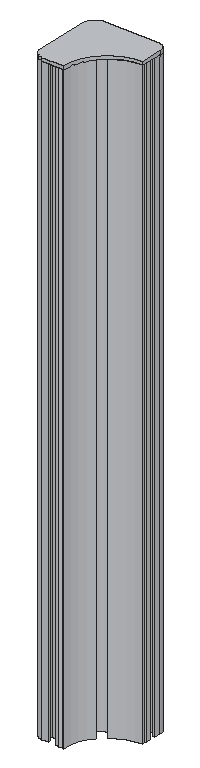
Revit family "Columns_&_Screens-Teknion-RPSC_Structural_Column-R2019", category Furniture, Revit 2019
Family settings
  OmniClass Number = 23.40.20.00
  OmniClass Title = General Furniture and Specialties
  Work Plane-Based = No
  Always vertical = Yes
  Cut with Voids When Loaded = No
  Shared = Yes
  Room Calculation Point = No
Parameters (values of type "13" Height")
  Warranty = "http://www.teknion.com/ca/papers/legal-canada"
  Unit Weight URL = "http://www.teknion.com/ca/tools/assets#&asset=bee6a381-b954-425e-8283-5a2de3a804f2,f828d448-4b62-4231-9e5f-9a8991c0ed77"
  URL = "www.teknion.com"
  To render please download texture images found here [instance] = "https://assets.teknion.com/web/5e81352c1dfdb467/revit-material-swatches/"
  Sustainability Data = "https://www.teknion.com/ca/tools/assets#&topic=216f99a5-57a0-44fc-b10a-9dee9b29ae4c&asset=444deb64-fe58-4b68-981e-f75e97781df7,b4ff2d81-9f2e-437d-9659-7cffb09c31cf"
  Series = "Expansion Desking"  # constant formula
  Product Page URL = "https://www.teknion.com/ca/products/product-details?productLineId=2b4e336e-8e7a-673b-a6c8-ff00004460c4"
  Product Line = "Expansion Desking"  # constant formula
  Product Documentation Link = "https://www.teknion.com/pricing/expansion-desking/pdfs/RPSC_ppg.pdf"
  Part Number = "RPSC"  # constant formula
  Model = "RPSC13"
  Manufacturer Phone = "416-661-3370"  # constant formula
  Manufacturer Fax = "416.661.4586"  # constant formula
  Manufacturer Contact Information = "http://www.teknion.com/ca/contactus"
  Manufacturer Address = "1150 Flint Road, Toronto, ON. M3J 2J5. Canada"  # constant formula
  Manufacturer = "Teknion"  # constant formula
  How To Use Teknion Materials User Guide [instance] = "https://assets.teknion.com/m/205dd0a49fa58060/original/How-to-add-a-Material-Library-and-Texture-Images-to-your-Revit-project.pdf"
  Height = 24.591"
  For Additional Finishes please visit [instance] = "https://assets.teknion.com/m/44a8009b046e5d47/original/Teknion_Materials_Library.zip"
  Finish [instance] = Paint - Teknion - Foundation - Very White
  Description = "Structural Column, 13\" Height"
  Assembly Code = "E2020200"
Types (6): name | Model | Height | Description
  (no name) | "RPSC13" | 24.591" | "Structural Column, 13\" Height"
  13" Height | "RPSC13" | 24.591" | "Structural Column, 13\" Height"
  15" Height | "RPSC15" | 26.134" | "Structural Column, 15\" Height"
  22" Height | "RPSC22" | 33.421" | "Structural Column, 22\" Height"
  37" Height | "RPSC37" | 47.965" | "Structural Column, 37\" Height"
  52" Height | "RPSC52" | 62.520" | "Structural Column, 52\" Height"
Reference planes (in)
  plane 1 "Center Front/Back": y = -0.37383
  plane 2: z = 0
  plane 3 "Center Left/Right": x = 0.4333
  plane 4 "Left": x = -1.0726
  plane 5 "Right": x = 1.93921
  plane 6 "Back": y = 1.13207
  plane 7 "Front": y = -1.87974
  plane 8 "Top": z = 42.00045
  plane 9: z = 17.40945
  plane 10: x = -2.23008
  plane 11: y = 2.28955
Forms (in)
  Sweep 1, solid, material "Paint - Teknion - Foundation - Very White" <- "Finish"
    path origin (0, -0.37383, 0) x (1, 0, 0) y (0, 0, 1)
      loop
        line (0.4333, 42.00045) -> (0.4333, 41.88189)
    profile origin (0.4333, -0.37383, 41.94117) x (0, -1, 0) y (1, 0, 0)
      loop
        line (1.50591, -1.13091) -> (1.50591, -0.25394)
        arc (1.50591, -0.25394) -> (0.26151, 0.26151) -> (-0.25394, 1.50591) r 1.75984
        line (-0.25394, 1.50591) -> (-1.13091, 1.50591)
        arc (-1.13091, 1.50591) -> (-1.39607, 1.39607) -> (-1.50591, 1.13091) r 0.375
        line (-1.50591, 1.13091) -> (-1.50591, -1.01378)
        arc (-1.50591, -1.01378) -> (-1.36177, -1.36177) -> (-1.01378, -1.50591) r 0.49213
        line (-1.01378, -1.50591) -> (1.13091, -1.50591)
        arc (1.13091, -1.50591) -> (1.39607, -1.39607) -> (1.50591, -1.13091) r 0.375
  Sweep 2, solid, material "Paint - Teknion - Foundation - Very White" <- "Finish"
    path origin (0, -0.37383, 0) x (1, 0, 0) y (0, 0, 1)
      loop
        line (0.4333, 17.40945) -> (0.4333, 41.88189)
    profile origin (0.4333, -0.37383, 29.64567) x (-1, 0, 0) y (0, -1, 0)
      loop
        line (1.2378, -1.20315) -> (1.18622, -1.15157) -> (1.18622, -0.58071) -> (1.42717, -0.58071) -> (1.42717, -0.72244) -> (1.50591, -0.72244) -> (1.50591, 1.13091)
        arc (1.50591, 1.13091) -> (1.39607, 1.39607) -> (1.13091, 1.50591) r 0.375
        line (1.13091, 1.50591) -> (0.87835, 1.50591) -> (0.87835, 1.42717) -> (1.02008, 1.42717) -> (1.02008, 1.18622) -> (0.31425, 1.18622) -> (0.31425, 1.34409) -> (0.58701, 1.42717) -> (0.58701, 1.50591) -> (0.45315, 1.50591) -> (0.31425, 1.40709) -> (0.31425, 1.50591) -> (0.25394, 1.50591)
        arc (0.25394, 1.50591) -> (0.15465, 0.92315) -> (-0.13201, 0.40615) r 1.75984
        line (-0.13201, 0.40615) -> (-0.08283, 0.36679) -> (0.00118, 0.48046)
        arc (0.00118, 0.48046) -> (0.05658, -0.05643) -> (-0.48032, -0.00104) r 0.3478
        line (-0.48032, -0.00104) -> (-0.36679, 0.08283) -> (-0.40615, 0.13201)
        arc (-0.40615, 0.13201) -> (-0.92315, -0.15465) -> (-1.50591, -0.25394) r 1.75984
        line (-1.50591, -0.25394) -> (-1.50591, -0.31425) -> (-1.40709, -0.31425) -> (-1.50591, -0.45315) -> (-1.50591, -0.58701) -> (-1.42717, -0.58701) -> (-1.34409, -0.31425) -> (-1.18622, -0.31425) -> (-1.18622, -1.02008) -> (-1.42717, -1.02008) -> (-1.42717, -0.87835) -> (-1.50591, -0.87835) -> (-1.50591, -1.13091)
        arc (-1.50591, -1.13091) -> (-1.39607, -1.39607) -> (-1.13091, -1.50591) r 0.375
        line (-1.13091, -1.50591) -> (0.72244, -1.50591) -> (0.72244, -1.42717) -> (0.58071, -1.42717) -> (0.58071, -1.18622) -> (1.15157, -1.18622) -> (1.20315, -1.2378) -> (1.01378, -1.42717) -> (1.01378, -1.50591)
        arc (1.01378, -1.50591) -> (1.36177, -1.36177) -> (1.50591, -1.01378) r 0.49213
        line (1.50591, -1.01378) -> (1.42717, -1.01378) -> (1.2378, -1.20315)
Lines and regions (in)
  Masking region 1
    outline origin (0, 0, 0) x (1, 0, 0) y (0, 1, 0)
      loop
        line (-1.0726, 0.63995) -> (-1.0726, -1.50474)
        arc (-1.0726, -1.50474) -> (-0.96277, -1.7699) -> (-0.6976, -1.87974) r 0.375
        line (-0.6976, -1.87974) -> (0.17937, -1.87974)
        arc (0.17937, -1.87974) -> (0.69481, -0.63534) -> (1.93921, -0.1199) r 1.75984
        line (1.93921, -0.1199) -> (1.93921, 0.75707)
        arc (1.93921, 0.75707) -> (1.82937, 1.02224) -> (1.56421, 1.13207) r 0.375
        line (1.56421, 1.13207) -> (-0.58048, 1.13207)
        arc (-0.58048, 1.13207) -> (-0.92846, 0.98793) -> (-1.0726, 0.63995) r 0.49213
  symbolic lines, style "FurnitureHiddenLines", detail levels fine
    curve 1: line (-0.76985, 0.86396, 0) -> (-0.58048, 1.05333, 0)
    curve 2: line (-0.58048, 1.05333, 0) -> (-0.58048, 1.13207, 0)
    curve 3: line (-0.28914, 1.13207, 0) -> (-0.28914, 1.05333, 0)
    curve 4: line (-0.28914, 1.05333, 0) -> (-0.14741, 1.05333, 0)
    curve 5: line (-0.14741, 1.05333, 0) -> (-0.14741, 0.81239, 0)
    curve 6: line (-0.14741, 0.81239, 0) -> (-0.71827, 0.81239, 0)
    curve 7: line (-0.71827, 0.81239, 0) -> (-0.76985, 0.86396, 0)
    curve 8: line (-1.0726, 0.63995, 0) -> (-0.99386, 0.63995, 0)
    curve 9: line (-0.99386, 0.63995, 0) -> (-0.80449, 0.82932, 0)
    curve 10: line (-0.80449, 0.82932, 0) -> (-0.75292, 0.77774, 0)
    curve 11: line (-0.75292, 0.77774, 0) -> (-0.75292, 0.20688, 0)
    curve 12: line (-0.75292, 0.20688, 0) -> (-0.99386, 0.20688, 0)
    curve 13: line (-0.99386, 0.20688, 0) -> (-0.99386, 0.34861, 0)
    curve 14: line (-0.99386, 0.34861, 0) -> (-1.0726, 0.34861, 0)
    curve 15: arc (0.91362, -0.37279, 0) -> (0.37673, -0.3174, 0) -> (0.43212, -0.8543, 0) r 0.3478
    curve 16: line (0.56531, -0.77999, 0) -> (0.51613, -0.74062, 0)
    curve 17: line (0.80009, -0.45667, 0) -> (0.83946, -0.50584, 0)
    curve 18: line (0.91362, -0.37279, 0) -> (0.80009, -0.45667, 0)
    curve 19: line (-0.58678, -1.56005, 0) -> (0.11905, -1.56005, 0)
    curve 20: line (-0.58678, -1.801, 0) -> (-0.58678, -1.56005, 0)
    curve 21: line (-0.44504, -1.801, 0) -> (-0.58678, -1.801, 0)
    curve 22: line (-0.44504, -1.87974, 0) -> (-0.44504, -1.801, 0)
    curve 23: line (-0.15371, -1.801, 0) -> (-0.15371, -1.87974, 0)
    curve 24: line (0.11905, -1.71793, 0) -> (-0.15371, -1.801, 0)
    curve 25: line (0.11905, -1.56005, 0) -> (0.11905, -1.71793, 0)
    curve 26: line (-0.01985, -1.87974, 0) -> (0.11905, -1.78092, 0)
    curve 27: line (0.11905, -1.78092, 0) -> (0.11905, -1.87974, 0)
    curve 28: line (1.86047, 0.50451, 0) -> (1.93921, 0.50451, 0)
    curve 29: line (1.86047, 0.64625, 0) -> (1.86047, 0.50451, 0)
    curve 30: line (1.61952, 0.64625, 0) -> (1.86047, 0.64625, 0)
    curve 31: line (1.61952, -0.05958, 0) -> (1.61952, 0.64625, 0)
    curve 32: line (1.7774, -0.05958, 0) -> (1.61952, -0.05958, 0)
    curve 33: line (1.86047, 0.21317, 0) -> (1.7774, -0.05958, 0)
    curve 34: line (1.93921, 0.21317, 0) -> (1.86047, 0.21317, 0)
    curve 35: line (1.84039, -0.05958, 0) -> (1.93921, 0.07932, 0)
    curve 36: line (1.93921, -0.05958, 0) -> (1.84039, -0.05958, 0)
Dimensions and locks (in)
  locked: plane 4 "Left" to plane 5 "Right" at 3.01181
  locked: plane 6 "Back" to plane 7 "Front" at 3.01181
  "Height": plane 8 "Top" to plane 9
  equal spacing: plane 6 "Back", plane 1 "Center Front/Back", plane 7 "Front"
  equal spacing: plane 4 "Left", plane 3 "Center Left/Right", plane 5 "Right"
  locked: plane 9 to level at 17.40945
  locked: plane 8 "Top" to Sweep 1 sketch curve at 0.11856
  locked: Sweep 1 sketch curve to plane 5 "Right" at 0.375
  locked: plane 6 "Back" to Sweep 1 sketch curve at 0.375
  locked: plane 7 "Front" to Sweep 1 sketch curve at 0.375
  locked: plane 4 "Left" to Sweep 1 sketch curve at 0.375
  locked: plane 4 "Left" to Sweep 1 sketch curve at 0.49213
  locked: plane 6 "Back" to Sweep 1 sketch curve at 0.49213
  locked: plane 5 "Right" to Sweep 1 sketch curve at 0
  locked: plane 7 "Front" to Sweep 1 sketch curve at 0
  locked: plane 8 "Top" to Sweep 2 sketch curve at 0.11856
  plane 6 "Back" to Sweep 2 sketch curve to Sweep 2 sketch curve to Sweep 2 sketch curve to Sweep 2 sketch curve to Sweep 2 sketch curve to Sweep 2 sketch curve to Sweep 2 sketch curve to Sweep 2 sketch curve to Sweep 2 sketch curve to Sweep 2 sketch curve to Sweep 2 sketch curve to Sweep 2 sketch curve to Sweep 2 sketch curve = 0.07874" locked, 0.18937" locked, 0.08622" locked, 0.1378" locked, 0.000" locked, 0.29134" locked, 0.14173" locked, 1.71161" locked, 0.05531" locked, 0.15787" locked, 0.06299" locked, 0.02008" locked, 0.000" locked
  locked: plane 10 to plane 4 "Left" at 1.15748
  locked: plane 6 "Back" to plane 11 at 1.15748
  aligned and locked: level to plane 2
  aligned and locked: plane 8 "Top" to Sweep 1 sketch curve
  aligned and locked: Sweep 1 sketch curve to plane 7 "Front"
  aligned and locked: plane 6 "Back" to Sweep 1 sketch curve
  aligned and locked: Sweep 1 sketch curve to plane 5 "Right"
  aligned and locked: plane 9 to Sweep 2 sketch curve
  aligned and locked: plane 3 "Center Left/Right" to Sweep 2 sketch curve
  aligned and locked: Masking region 1 sketch curve to Sweep 1  (x5)
  aligned and locked: curve 1 to Sweep 2
  aligned and locked: curve 2 to Sweep 2
  aligned and locked: curve 3 to Sweep 2
  aligned and locked: curve 4 to Sweep 2
  aligned and locked: curve 5 to Sweep 2
  aligned and locked: curve 6 to Sweep 2
  aligned and locked: curve 7 to Sweep 2
  aligned and locked: curve 8 to Sweep 2
  aligned and locked: curve 10 to Sweep 2
  aligned and locked: curve 11 to Sweep 2
  aligned and locked: curve 12 to Sweep 2
  aligned and locked: curve 13 to Sweep 2
  aligned and locked: curve 14 to Sweep 2
  aligned and locked: curve 15 to Sweep 2
  aligned and locked: curve 16 to Sweep 2
  aligned and locked: curve 17 to Sweep 2
  aligned and locked: curve 18 to Sweep 2
  aligned and locked: curve 19 to Sweep 2
  aligned and locked: curve 20 to Sweep 2
  aligned and locked: curve 21 to Sweep 2
  aligned and locked: curve 22 to Sweep 2
  aligned and locked: curve 23 to Sweep 2
  aligned and locked: curve 24 to Sweep 2
  aligned and locked: curve 25 to Sweep 2
  aligned and locked: curve 26 to Sweep 2
  aligned and locked: curve 27 to Sweep 2
  aligned and locked: curve 28 to Sweep 2
  aligned and locked: curve 29 to Sweep 2
  aligned and locked: curve 30 to Sweep 2
  aligned and locked: curve 31 to Sweep 2
  aligned and locked: curve 32 to Sweep 2
  aligned and locked: curve 33 to Sweep 2
  aligned and locked: curve 34 to Sweep 2
  aligned and locked: curve 35 to Sweep 2
  aligned and locked: curve 36 to Sweep 2
Automatic sketch dimensions
  Sweep 1 sketch curve to plane 3 "Center Left/Right" = 0.000"
  Sweep 1 sketch curve to plane 1 "Center Front/Back" = 0.25394"
  profile plane to Sweep 2 sketch curve = 1.50591"
  Sweep 2 sketch curve to Sweep 2 sketch curve = 0.000"  (x6)
  Sweep 2 sketch curve to Sweep 2 sketch curve = 0.07874"  (x6)
  Sweep 2 sketch curve to Sweep 2 sketch curve = 0.09882"
  Sweep 2 sketch curve to Sweep 2 sketch curve = 0.06299"
  Sweep 2 sketch curve to Sweep 2 sketch curve = 0.15787"
  Sweep 2 sketch curve to Sweep 2 sketch curve = 0.05531"
  plane 1 "Center Front/Back" to Sweep 2 sketch curve = 0.08283"
  profile plane to Sweep 2 sketch curve = 0.36679"
  profile plane to Sweep 2 sketch curve = 0.18936"
  profile plane to Sweep 2 sketch curve = 0.08283"
  Sweep 2 sketch curve to profile plane = 0.25394"
  Sweep 2 sketch curve to Sweep 2 sketch curve = 0.06031"  (x2)
  Sweep 2 sketch curve to Sweep 2 sketch curve = 0.1389"  (x2)
  Sweep 2 sketch curve to profile plane = 0.58071"
  Sweep 2 sketch curve to Sweep 2 sketch curve = 0.13386"  (x2)
  Sweep 2 sketch curve to Sweep 2 sketch curve = 0.14173"  (x3)
  Sweep 2 sketch curve to Sweep 2 sketch curve = 0.29134"  (x2)
  Sweep 2 sketch curve to Sweep 2 sketch curve = 0.43307"
  Sweep 2 sketch curve to Sweep 2 sketch curve = 0.11083"  (x2)
  Sweep 2 sketch curve to Sweep 2 sketch curve = 0.1378"
  Sweep 2 sketch curve to Sweep 2 sketch curve = 0.03465"  (x2)
  Sweep 2 sketch curve to Sweep 2 sketch curve = 0.05157"
  Sweep 2 sketch curve to Sweep 2 sketch curve = 0.24094"
  Sweep 2 sketch curve to Sweep 2 sketch curve = 0.18937"
  plane 1 "Center Front/Back" to Sweep 2 sketch curve = 0.1895"
  Sweep 2 sketch curve to Sweep 2 sketch curve = 0.17729"
  Sweep 2 sketch curve to plane 1 "Center Front/Back" = 0.00104"
  Sweep 2 sketch curve to Sweep 2 sketch curve = 0.11353"
  plane 1 "Center Front/Back" to Sweep 2 sketch curve = 0.13201"
  Sweep 2 sketch curve to Sweep 2 sketch curve = 0.04918"
  Sweep 2 sketch curve to profile plane = 0.00118"
  Sweep 2 sketch curve to Sweep 2 sketch curve = 0.2168"
  plane 1 "Center Front/Back" to Sweep 2 sketch curve = 1.50591"
  curve 14 to plane 4 "Left" = 0.000"
  curve 8 to plane 4 "Left" = 0.000"
  plane 7 "Front" to curve 26 = 0.000"
  curve 34 to plane 5 "Right" = 0.000"
  curve 28 to plane 5 "Right" = 0.000"
  curve 35 to plane 5 "Right" = 0.000"
  curve 36 to plane 5 "Right" = 0.000"
  plane 7 "Front" to curve 22 = 0.000"
  plane 7 "Front" to curve 27 = 0.000"
  plane 7 "Front" to curve 23 = 0.000"
  curve 2 to plane 6 "Back" = 0.000"
  curve 3 to plane 6 "Back" = 0.000"
  plane 4 "Left" to curve 8 = 0.07874"
  curve 15 to plane 3 "Center Left/Right" = 0.00118"
  plane 3 "Center Left/Right" to curve 16 = 0.08283"
  curve 16 to curve 16 = 0.04918"
  plane 1 "Center Front/Back" to curve 17 = 0.13201"
Nested families (in)
  nested 1: "Teknion_2D_Node_Family-R2016" at (-2.23008, 2.28955, 0), type "Teknion_2D_Node_Family-R2016"
Definition of nested family "Teknion_2D_Node_Family-R2016"
  Reference planes (in)
    plane 1 "Center (Front/Back)": y = 0
    plane 2: z = 0
    plane 3 "Center (Left/Right)": x = 0
  Lines and regions (in)
    detail lines, in view "Ref. Level"
      curve 1: circle (0, 0, 0) r 1.25 normal (0, 0, 1)
      curve 2: line (1.91508, -1.91508, 0) -> (-1.91508, 1.91508, 0)
      curve 3: line (-1.91508, -1.91508, 0) -> (1.91508, 1.91508, 0)
